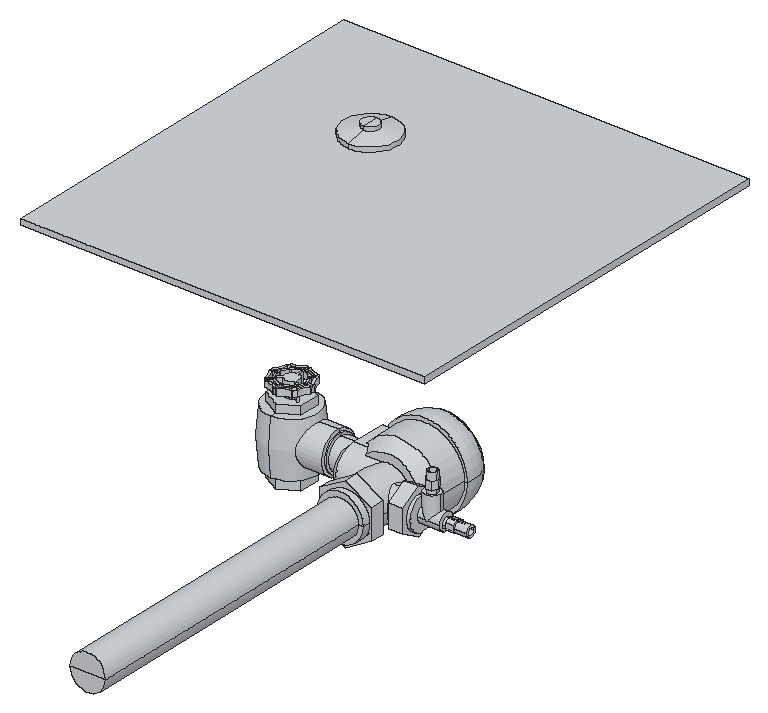
Revit family "WH2898-ADA-EG10-1.28", category Plumbing Fixtures, host Face, Revit 2016
Family settings
  Host = Face
  Part Type = Normal
  Round Connector Dimension = Use Diameter
  OmniClass Number = 23.45.05.21
  OmniClass Title = Plumbing Fixtures - Sanitary Disposal Units
  Cut with Voids When Loaded = No
  Shared = Yes
  Room Calculation Point = No
Parameters (values of type "WH2898-ADA-EG-1.28")
  Waste Connection = no
  WH2898-ADA-EG10-1.28 - Ligature Resistant Flush Valve Cover With 1.28 GPF Hydraulic Flush Valve (White) = yes
  Voltage = 0
  Vent Connection = no
  URL = "https://www.whitehallmfg.com/home"
  Type Comments = ""
  Tempered Water Connection = no
  Revised Date = "10/01/19"
  Phone # = "(800) 782-7706"
  Model = "WH2898-ADA-EG10-1.28"
  Material = Type 304 Stainless Steel
  Manufacturer = "Whitehall"
  HW Connection = yes
  Designed By = "ACORN DESIGN BIM TEAM"
  Description = "Ligature Resistant Flush Valve Cover With 1.28 GPF Hydraulic Flush Valve (White)"
  Default Elevation = 36"
  CW Connection = yes
  Assembly Code = ""
  Amperage = 0
Reference planes (in)
  plane 1 "Center (Front/Back)": y = 0
  plane 2: z = 0
  plane 3 "Center (Left/Right)": x = 0
  plane 4 "FV BEHIND WALL": z = -10.75
  plane 5: x = 8.5
  plane 6: y = 8.5
  plane 7: y = -8.5
  plane 8: x = -8.5
  plane 9: y = -2
  plane 10 "PB ESCUTCHEON": x = -3
  plane 11: y = 3.02628
Forms (in)
  Extrusion 1, solid
    sketch origin (1, -1.5, 0.87846) x (-1, 0, 0) y (0, -1, 0)
      loop
        line (9.5, -10) -> (9.5, 7) -> (-7.5, 7) -> (-7.5, -10) -> (9.5, -10)
    from -0.87846 to -0.62846
  Extrusion 2, void
    sketch origin (0, 0, 0.87846) x (-1, 0, 0) y (0, -1, 0)
      loop
        circle (3, -3) r 0.5
    from -0.87846 to -0.62846
  Extrusion 3, void
    sketch origin (-0.06005, 0.13811, 0.87846) x (-1, 0, 0) y (0, -1, 0)
      loop
        line (6.93995, -6.86189) -> (6.93995, 7.13811) -> (-7.06005, 7.13811) -> (-7.06005, -6.86189) -> (6.93995, -6.86189)
    from -10.58512 to -0.87846
  Revolve 4, solid
    sketch origin (-3, -1.56603, 0) x (0, -1, 0) y (0, 0, 1)
      loop
        line (-4.59231, 0.25) -> (-3.46273, 0.25) -> (-3.46273, 0.4385) -> (-4.24245, 0.61077) -> (-4.24245, 0.75) -> (-4.59231, 0.75) -> (-4.59231, 0.25)
      axis (-4.59231, 0.25) -> (-4.59231, 0.75)
    angle from 0 to 360
Cuts and joins
  Extrusion 2 cuts Extrusion 1
Dimensions and locks (in)
  plane 4 "FV BEHIND WALL" to plane 2 = 10 3/4"
  plane 3 "Center (Left/Right)" to plane 5 = 8 1/2"
  equal spacing: plane 6, plane 1 "Center (Front/Back)", plane 7
  plane 3 "Center (Left/Right)" to host face = 8 1/2"
  equal spacing: plane 8, plane 3 "Center (Left/Right)", plane 5
  plane 8 to plane 5 = 17"
  plane 6 to plane 7 = 17"
  equal spacing: Extrusion 1, Extrusion 2 sketch curve, Extrusion 2 sketch curve
  Extrusion 1 to Extrusion 2 sketch curve = 5 1/2"
  plane 11 to cut or joined group of Extrusion 1, Extrusion 2 = 11.52628"
  aligned and locked: plane 2 to host face
  aligned and locked: level to host face
  aligned and locked: plane 6 to host face
  aligned and locked: plane 5 to Extrusion 1
  aligned and locked: plane 7 to Extrusion 1
  aligned and locked: nested 1 to plane 4 "FV BEHIND WALL"
Automatic sketch dimensions
  host sketch curve to host sketch curve = 17"  (x2)
  plane 5 to Extrusion 1 sketch curve = 0"
  plane 6 to Extrusion 1 sketch curve = 0"
  plane 7 to Extrusion 1 sketch curve = 0"
  Extrusion 1 sketch curve to plane 3 "Center (Left/Right)" = 8 1/2"
  plane 8 to Extrusion 2 sketch curve = 5 1/2"
  Extrusion 3 sketch curve to plane 5 = 1 1/2"
  plane 8 to Extrusion 3 sketch curve = 1 1/2"
  Extrusion 3 sketch curve to plane 6 = 1 1/2"
  Extrusion 3 sketch curve to plane 7 = 1 1/2"
  level to Revolve 4 sketch curve = 1/4"
  Revolve 4 sketch curve to plane 1 "Center (Front/Back)" = 3.02628"
  Revolve 4 sketch curve to Revolve 4 sketch curve = 0.34986"
  Revolve 4 sketch curve to Revolve 4 sketch curve = 0.77972"
  Revolve 4 sketch curve to Revolve 4 sketch curve = 0.1885"
  Revolve 4 sketch curve to Revolve 4 sketch curve = 0.36077"
  Revolve 4 sketch curve to Revolve 4 sketch curve = 0.13923"
  Revolve 4 sketch curve to Revolve 4 sketch curve = 0"  (x2)
  Revolve 4 sketch curve to Revolve 4 sketch curve = 0.6578"
  radius of Extrusion 2 sketch curve = 1/2"
Nested families (in)
  nested 1: "2954-914-000 sloan flush valve" at (0, -2.3013, -10.75) x (-1, 0, 0) z (0, 1, 0), type "SLOAN FV 2954-914-000"
Connectors (in)
  piping at (-4.75, 1.0775, -12.44205), diameter 1.5
    settings: on nested 1, index 1, connector inside diameter 24", connector length 0", flow factor 0, pipe flow 0 GPM, pressure drop 0.00 psi, fitting loss kfactor 0, connector angle 0.00°, fixture units 0, engagement length 0", angle of deflection 0.00°, flow configuration 0, flow direction 1, fitting loss method 0, system type 7, joint type 0, gender type 0, connector reference index -1, connector utility 0, adjustable connector no, is connector primary yes, connector description "1-1/2\"NPT Female Threaded Connection"
Definition of nested family "2954-914-000 sloan flush valve"
  Parameters (values of type "SLOAN FV 2954-914-000")
    Waste Connection = no
    SLOAN FV- SLOAN ROYAL 9603-1.28 HYD 1.28GPF FV 13" = yes
    Voltage = 0
    Vent Connection = no
    URL = "https://www.acorneng.com"
    Type Comments = ""
    Tempered Water Connection = no
    Revised Date = "10/03/19"
    Phone # = "(800) 488-8999"
    Model = "Sloan Flush Valve"
    Material = none
    Manufacturer = "Acorn Engineering"
    HW Connection = no
    Designed By = "ACORN DESIGN BIM TEAM"
    Description = "SLOAN ROYAL 9603-1.28 HYD 1.28GPF FV 13\""
    Default Elevation = 0"
    CW Connection = yes
    Assembly Code = ""
    Amperage = 0
  Reference planes (in)
    plane 1 "Center (Front/Back)": y = 0
    plane 2: z = 0
    plane 3 "Center (Left/Right)": x = 0
    plane 4: z = 12.5
    plane 5: x = -4.5
    plane 6: x = 4.5
    plane 7: y = 2
    plane 8: y = -2
    plane 9: y = 1.5
    plane 10: y = -1.5
    plane 11 "HYD VALVE INLET": z = 3.3788
    plane 12: z = 2.07626
    plane 13 "top side out": z = 4.3288
    plane 14 "HYD VALVE INLET SIDE": x = 4.75
    plane 15 "WHEEL HANDLE": y = 2.12257
    plane 16 "HYDRLC LINES FACE": x = -1.929
    plane 17 "HYDRLC LINES FRONT": y = 0.95666
  Forms (in)
    Extrusion 1, solid
      sketch origin (0, 0, 0) x (1, 0, 0) y (0, 1, 0)
        loop
          line (-4.5, 2) -> (-4.5, -2) -> (4.5, -2) -> (4.5, 2) -> (-4.5, 2)
      from 0 to -1.11995
    Revolve 2, solid
      sketch origin (0, 0, 0) x (1, 0, 0) y (0, 0, 1)
        loop
          line (0, -13.27562) -> (0.74824, -13.27562) -> (0.74824, 0) -> (0.96626, 0) -> (0.96626, 2.48327) -> (1.32316, 2.48327) -> (1.66547, 3.07616) -> (1.66547, 4.4188) -> (1.8258, 4.4188)
          arc (1.8258, 4.4188) -> (1.81225, 4.93623) -> (1.66524, 5.43253) r 1.98278
          arc (1.66524, 5.43253) -> (1.57428, 5.53902) -> (1.44, 5.5788) r 0.24656
          line (1.44, 5.5788) -> (0, 5.5788) -> (0, -13.27562)
        axis (0, -13.27562) -> (0, 5.5788)
      angle from 0 to 360
    Extrusion 3, solid
      sketch origin (0, 0, 3.3788) x (-1, 0, 0) y (0, -1, 0)
        loop
          line (-1.09249, 0) -> (-0.54624, -0.94612) -> (0.54624, -0.94612) -> (1.09249, 0) -> (0.54624, 0.94612) -> (-0.54624, 0.94612) -> (-1.09249, 0)
      from 2.2 to 2.45125
    Extrusion 4, solid
      sketch origin (0, 0, 0) x (0, 1, 0) y (0, 0, 1)
        loop
          line (-1, 4.3288) -> (-1, 2.8288)
          arc (-1, 2.8288) -> (0, 1.8288) -> (1, 2.8288) r 1
          line (1, 2.8288) -> (1, 4.3288) -> (-1, 4.3288)
      from 0 to 2
    Sweep 5, void
      path in 3D
        loop
          line (2, -1, 4.3288) -> (2, -1, 2.8288)
          arc (2, -1, 2.8288) -> (2, 0, 1.8288) -> (2, 1, 2.8288) r 1
          line (2, 1, 2.8288) -> (2, 1, 4.3288)
      profile origin (2, 1, 3.5788) x (0, -1, 0) y (1, 0, 0)
        loop
          line (0, 0) -> (0, -0.3056) -> (0.3056, 0) -> (0, 0)
    Revolve 6, solid
      sketch origin (0, 0, 3.3788) x (-1, 0, 0) y (0, -1, 0)
        loop
          line (-1.5, 0) -> (-1.5, 0.65541) -> (-2.7, 0.65541) -> (-2.7, 0.75358) -> (-2.79, 0.75358) -> (-2.79, 0.86949) -> (-4.75, 0.86949) -> (-4.75, 0) -> (-1.5, 0)
        axis (-1.5, 0) -> (-4.75, 0)
      angle from 0 to 360
    Revolve 7, solid
      sketch origin (4.75, 0, 0) x (0, -1, 0) y (0, 0, 1)
        loop
          line (-1.40601, 3.3788) -> (1.61073, 3.3788) -> (1.61073, 3.77289) -> (1.15713, 3.77289) -> (1.15713, 4.47484)
          arc (1.15713, 4.47484) -> (0.00056, 4.57) -> (-1.15601, 4.47484) r 7.07601
          line (-1.15601, 4.47484) -> (-1.15601, 3.8788) -> (-1.40601, 3.8788) -> (-1.40601, 3.3788)
        axis (-1.40601, 3.3788) -> (1.61073, 3.3788)
      angle from 0 to 360
    Extrusion 8, solid
      sketch origin (0, 0, 0) x (1, 0, 0) y (0, 0, 1)
        loop
          line (5.49, 2.95156) -> (5.49, 3.80604) -> (4.75, 4.23328) -> (4.01, 3.80604) -> (4.01, 2.95156) -> (4.75, 2.52432) -> (5.49, 2.95156)
      from -1.5 to 1.69205
    Extrusion 9, void
      sketch origin (0, 0, 0) x (1, 0, 0) y (0, 0, 1)
        loop
          circle (4.75, 3.3788) r 0.625
      from 0.21868 to 1.69205
    Extrusion 10, solid
      sketch origin (0, 2.12257, 0) x (0, 0, 1) y (-1, 0, 0)
        loop
          line (3.92534, -4.79483) -> (3.92534, -4.70454) -> (3.67534, -4.70454)
          arc (3.67534, -4.70454) -> (3.5281, -4.4914) -> (3.2699, -4.47046) r 0.30237
          line (3.2699, -4.47046) -> (3.1449, -4.25396) -> (3.06617, -4.29942) -> (3.19117, -4.51592)
          arc (3.19117, -4.51592) -> (3.08117, -4.75) -> (3.19117, -4.98408) r 0.30406
          line (3.19117, -4.98408) -> (3.06617, -5.20058) -> (3.1449, -5.24604) -> (3.2699, -5.02954)
          arc (3.2699, -5.02954) -> (3.53171, -5.0136) -> (3.67642, -4.79483) r 0.29376
          line (3.67642, -4.79483) -> (3.92534, -4.79483)
      from 0 to 1.17275
    Extrusion 11, solid
      sketch origin (0, 2.12257, 0) x (0, 0, 1) y (-1, 0, 0)
        loop
          line (3.92534, -4.70454) -> (3.92534, -4.79483) -> (4.26186, -4.80051) -> (4.26186, -4.64932)
          arc (4.26186, -4.64932) -> (4.12894, -4.43442) -> (4.07053, -4.18858) r 0.79132
          line (4.07053, -4.18858) -> (3.96739, -4.08543) -> (3.72366, -4.32916) -> (3.79441, -4.3999) -> (3.97623, -4.21808)
          arc (3.97623, -4.21808) -> (4.0408, -4.47563) -> (4.17534, -4.70454) r 0.93266
          line (4.17534, -4.70454) -> (3.92534, -4.70454)
      from 0 to 0.25
    Extrusion 12, solid
      sketch origin (3.77646, 2.12257, -2.36846) x (-0.706619, 0, 0.707594) y (-0.707594, 0, -0.706619)
        loop
          line (3.92534, -4.70454) -> (3.92534, -4.79483) -> (4.26186, -4.80051) -> (4.26186, -4.64932)
          arc (4.26186, -4.64932) -> (4.12894, -4.43442) -> (4.07053, -4.18858) r 0.79132
          line (4.07053, -4.18858) -> (3.96739, -4.08543) -> (3.72366, -4.32916) -> (3.79441, -4.3999) -> (3.97623, -4.21808)
          arc (3.97623, -4.21808) -> (4.0408, -4.47563) -> (4.17534, -4.70454) r 0.93266
          line (4.17534, -4.70454) -> (3.92534, -4.70454)
      from 0 to 0.25
    Extrusion 13, solid
      sketch origin (8.12225, 2.12257, -1.37585) x (-0.999999, 0, 0.001378) y (-0.001378, 0, -0.999999)
        loop
          line (3.92534, -4.70454) -> (3.92534, -4.79483) -> (4.26186, -4.80051) -> (4.26186, -4.64932)
          arc (4.26186, -4.64932) -> (4.12894, -4.43442) -> (4.07053, -4.18858) r 0.79132
          line (4.07053, -4.18858) -> (3.96739, -4.08543) -> (3.72366, -4.32916) -> (3.79441, -4.3999) -> (3.97623, -4.21808)
          arc (3.97623, -4.21808) -> (4.0408, -4.47563) -> (4.17534, -4.70454) r 0.93266
          line (4.17534, -4.70454) -> (3.92534, -4.70454)
      from 0 to 0.25
    Extrusion 14, solid
      sketch origin (10.49591, 2.12257, 2.39734) x (-0.708567, 0, -0.705644) y (0.705644, 0, -0.708567)
        loop
          line (3.92534, -4.70454) -> (3.92534, -4.79483) -> (4.26186, -4.80051) -> (4.26186, -4.64932)
          arc (4.26186, -4.64932) -> (4.12894, -4.43442) -> (4.07053, -4.18858) r 0.79132
          line (4.07053, -4.18858) -> (3.96739, -4.08543) -> (3.72366, -4.32916) -> (3.79441, -4.3999) -> (3.97623, -4.21808)
          arc (3.97623, -4.21808) -> (4.0408, -4.47563) -> (4.17534, -4.70454) r 0.93266
          line (4.17534, -4.70454) -> (3.92534, -4.70454)
      from 0 to 0.25
    Extrusion 15, solid
      sketch origin (9.50929, 2.12257, 6.7445) x (-0.002756, 0, -0.999996) y (0.999996, 0, -0.002756)
        loop
          line (3.92534, -4.70454) -> (3.92534, -4.79483) -> (4.26186, -4.80051) -> (4.26186, -4.64932)
          arc (4.26186, -4.64932) -> (4.12894, -4.43442) -> (4.07053, -4.18858) r 0.79132
          line (4.07053, -4.18858) -> (3.96739, -4.08543) -> (3.72366, -4.32916) -> (3.79441, -4.3999) -> (3.97623, -4.21808)
          arc (3.97623, -4.21808) -> (4.0408, -4.47563) -> (4.17534, -4.70454) r 0.93266
          line (4.17534, -4.70454) -> (3.92534, -4.70454)
      from 0 to 0.25
    Extrusion 16, solid
      sketch origin (5.73938, 2.12257, 9.12336) x (0.704667, 0, -0.709538) y (0.709538, 0, 0.704667)
        loop
          line (3.92534, -4.70454) -> (3.92534, -4.79483) -> (4.26186, -4.80051) -> (4.26186, -4.64932)
          arc (4.26186, -4.64932) -> (4.12894, -4.43442) -> (4.07053, -4.18858) r 0.79132
          line (4.07053, -4.18858) -> (3.96739, -4.08543) -> (3.72366, -4.32916) -> (3.79441, -4.3999) -> (3.97623, -4.21808)
          arc (3.97623, -4.21808) -> (4.0408, -4.47563) -> (4.17534, -4.70454) r 0.93266
          line (4.17534, -4.70454) -> (3.92534, -4.70454)
      from 0 to 0.25
    Extrusion 17, solid
      sketch origin (1.39086, 2.12257, 8.14273) x (0.999991, 0, -0.004134) y (0.004134, 0, 0.999991)
        loop
          line (3.92534, -4.70454) -> (3.92534, -4.79483) -> (4.26186, -4.80051) -> (4.26186, -4.64932)
          arc (4.26186, -4.64932) -> (4.12894, -4.43442) -> (4.07053, -4.18858) r 0.79132
          line (4.07053, -4.18858) -> (3.96739, -4.08543) -> (3.72366, -4.32916) -> (3.79441, -4.3999) -> (3.97623, -4.21808)
          arc (3.97623, -4.21808) -> (4.0408, -4.47563) -> (4.17534, -4.70454) r 0.93266
          line (4.17534, -4.70454) -> (3.92534, -4.70454)
      from 0 to 0.25
    Extrusion 18, solid
      sketch origin (-0.99319, 2.12257, 4.37609) x (0.710509, 0, 0.703689) y (-0.703689, 0, 0.710509)
        loop
          line (3.92534, -4.70454) -> (3.92534, -4.79483) -> (4.26186, -4.80051) -> (4.26186, -4.64932)
          arc (4.26186, -4.64932) -> (4.12894, -4.43442) -> (4.07053, -4.18858) r 0.79132
          line (4.07053, -4.18858) -> (3.96739, -4.08543) -> (3.72366, -4.32916) -> (3.79441, -4.3999) -> (3.97623, -4.21808)
          arc (3.97623, -4.21808) -> (4.0408, -4.47563) -> (4.17534, -4.70454) r 0.93266
          line (4.17534, -4.70454) -> (3.92534, -4.70454)
      from 0 to 0.25
    Extrusion 19, solid
      sketch origin (0, 2.12257, 0) x (0, 0, 1) y (-1, 0, 0)
        loop
          circle (3.3788, -4.75) r 0.63026
        loop
          circle (3.3788, -4.75) r 0.5441
      from 0 to 0.25
    Extrusion 20, solid
      sketch origin (0, 0, 0) x (0, 1, 0) y (0, 0, 1)
        loop
          circle (-0.00045, 1.93346) r 0.688
      from -1.929 to 0
    Extrusion 21, solid
      sketch origin (0, 0, 0) x (0, 1, 0) y (0, 0, 1)
        loop
          line (-0.95666, 1.94633) -> (-0.49279, 1.10948) -> (0.46387, 1.09278) -> (0.95666, 1.91293) -> (0.49279, 2.74977) -> (-0.46387, 2.76647) -> (-0.95666, 1.94633)
      from -1.75 to -1.15
    Extrusion 22, solid
      sketch origin (0, 0, 3.3788) x (-1, 0, 0) y (0, -1, 0)
        loop
          line (-1.09249, -0.63075) -> (0, -1.26149) -> (1.09249, -0.63075) -> (1.09249, 0.63075) -> (0, 1.26149) -> (-1.09249, 0.63075) -> (-1.09249, -0.63075)
      from -3.0775 to -2.5175
    Extrusion 23, solid
      sketch origin (-1.929, 0, 0) x (0, 0, -1) y (0, -1, 0)
        loop
          circle (-1.94489, 0) r 0.3473
      from 0 to 0.96
    Extrusion 24, solid
      sketch origin (-1.929, 0, 0) x (0, 0, -1) y (0, -1, 0)
        loop
          line (-1.92579, 0.27678) -> (-2.16549, 0.13839) -> (-2.16549, -0.13839) -> (-1.92579, -0.27678) -> (-1.68609, -0.13839) -> (-1.68609, 0.13839) -> (-1.92579, 0.27678)
      from 1.14 to 1.46563
    Extrusion 25, solid
      sketch origin (-1.929, 0, 0) x (0, 0, -1) y (0, -1, 0)
        loop
          circle (-1.93775, 0) r 0.22077
        loop
          circle (-1.93775, 0) r 0.16483
      from 0.96 to 2
    Extrusion 26, solid
      sketch origin (0, 0.95666, 0) x (1, 0, 0) y (0, 0, 1)
        loop
          circle (-2.32063, 1.93422) r 0.34036
      from 0 to 0.95684
    Extrusion 27, solid
      sketch origin (0, 0.95666, 0) x (1, 0, 0) y (0, 0, 1)
        loop
          line (-2.17468, 2.14599) -> (-2.42649, 2.16803) -> (-2.57148, 1.96097) -> (-2.46465, 1.73188) -> (-2.21284, 1.70985) -> (-2.06786, 1.9169) -> (-2.17468, 2.14599)
      from -0.16716 to -0.49278
    Extrusion 28, solid
      sketch origin (0, 0.95666, 0) x (1, 0, 0) y (0, 0, 1)
        loop
          circle (-2.32099, 1.93323) r 0.2
        loop
          circle (-2.32099, 1.93323) r 0.16469
      from 0 to -0.79278
  Cuts and joins
    Sweep 5, Extrusion 9 cuts Extrusion 4
    Extrusion 9 cuts Revolve 6
    Extrusion 9 cuts Revolve 7
    Extrusion 9 cuts Extrusion 8
    joined: Extrusion 4, Revolve 6, Revolve 7, Extrusion 8
    joined: Revolve 2, Extrusion 3
  Lines and regions (in)
    model lines
      curve 1: line (1.6944, 1, 4.3288) -> (2, 0.6944, 4.3288)
    sketch lines
      curve 2: line (2, 1, 2.8288) -> (2, 1, 4.3288)
      curve 3: arc (2, 1, 2.8288) -> (2, 0, 1.8288) -> (2, -1, 2.8288) r 1
      curve 4: line (2, -1, 4.3288) -> (2, -1, 2.8288)
  Dimensions and locks (in)
    plane 2 to plane 4 = 12 1/2"
    equal spacing: plane 5, plane 3 "Center (Left/Right)", plane 6
    equal spacing: plane 7, plane 1 "Center (Front/Back)", plane 8
    equal spacing: plane 9, plane 1 "Center (Front/Back)", plane 10
    plane 3 "Center (Left/Right)" to Extrusion 1 = 4 1/2"
    level to cut or joined group of Revolve 2, Extrusion 3 = 13.27562"
    aligned and locked: plane 2 to Extrusion 1
    aligned and locked: level to Extrusion 1
    aligned and locked: plane 7 to Extrusion 1
    aligned and locked: plane 6 to Extrusion 1
  Automatic sketch dimensions
    Extrusion 1 sketch curve to Extrusion 1 sketch curve = 9"
    Extrusion 1 sketch curve to Extrusion 1 sketch curve = 4"
    Revolve 2 sketch curve to plane 3 "Center (Left/Right)" = 0"  (x2)
    Revolve 2 sketch curve to level = 0"
    Revolve 2 sketch curve to plane 3 "Center (Left/Right)" = 0.14612"
    plane 3 "Center (Left/Right)" to Revolve 2 sketch curve = 0.74824"
    plane 12 to Revolve 2 sketch curve = 0.40701"
    plane 3 "Center (Left/Right)" to Revolve 2 sketch curve = 0.96626"
    Revolve 2 sketch curve to Revolve 2 sketch curve = 0.3569"
    plane 3 "Center (Left/Right)" to Revolve 2 sketch curve = 1.44"
    Revolve 2 sketch curve to Revolve 2 sketch curve = 0.22547"
    Revolve 2 sketch curve to Revolve 2 sketch curve = 0.16033"
    Revolve 2 sketch curve to level = 13.27562"
    Revolve 2 sketch curve to Revolve 2 sketch curve = 0.59289"
    Revolve 2 sketch curve to Revolve 2 sketch curve = 1.34264"
    Revolve 2 sketch curve to Revolve 2 sketch curve = 0.20726"
    Revolve 2 sketch curve to Revolve 2 sketch curve = 0.91344"
    Revolve 2 sketch curve to Revolve 2 sketch curve = 0.24656"
    Revolve 2 sketch curve to Revolve 2 sketch curve = 0"
    Revolve 2 sketch curve to Revolve 2 sketch curve = 1.08387"
    Extrusion 4 sketch curve to plane 1 "Center (Front/Back)" = 0"
    plane 9 to Extrusion 4 sketch curve = 1/2"
    plane 12 to Extrusion 4 sketch curve = 0.75255"
    Extrusion 4 sketch curve to Extrusion 4 sketch curve = 1 1/2"
    Sweep 5 sketch curve to profile plane = 0"  (x2)
    Sweep 5 sketch curve to profile plane = 0.3056"
    Sweep 5 sketch curve to Sweep 5 sketch curve = 0.3056"
    plane 9 to curve 1 = 1/2"
    curve 1 to curve 1 = 0.3056"  (x2)
    plane 3 "Center (Left/Right)" to curve 1 = 1.6944"
    plane 1 "Center (Front/Back)" to Revolve 6 sketch curve = 0"  (x2)
    Revolve 6 sketch curve to plane 14 "HYD VALVE INLET SIDE" = 0"  (x2)
    Revolve 6 sketch curve to plane 10 = 0.63051"
    Revolve 6 sketch curve to plane 6 = 1.71"
    Revolve 6 sketch curve to Revolve 6 sketch curve = 0.09"
    Revolve 6 sketch curve to Revolve 6 sketch curve = 1.2"
    plane 1 "Center (Front/Back)" to Revolve 6 sketch curve = 0.65541"
    Revolve 6 sketch curve to Revolve 6 sketch curve = 0.09818"
    Revolve 6 sketch curve to Revolve 6 sketch curve = 1.56933"
    Revolve 7 sketch curve to plane 11 "HYD VALVE INLET" = 0"  (x2)
    plane 9 to Revolve 7 sketch curve = 0.09399"
    Revolve 7 sketch curve to Revolve 7 sketch curve = 1/4"
    plane 1 "Center (Front/Back)" to Revolve 7 sketch curve = 0.00056"
    Revolve 7 sketch curve to plane 10 = 0.34287"
    plane 10 to Revolve 7 sketch curve = 0.11073"
    Revolve 7 sketch curve to level = 2.506"
    plane 11 "HYD VALVE INLET" to Revolve 7 sketch curve = 0.39409"
    plane 13 "top side out" to Revolve 7 sketch curve = 0.45"
    Revolve 7 sketch curve to Revolve 7 sketch curve = 0.03954"
    plane 8 to Revolve 7 sketch curve = 1.15026"
    Revolve 7 sketch curve to plane 13 "top side out" = 0.14604"
    Extrusion 9 sketch curve to plane 11 "HYD VALVE INLET" = 0"
    plane 14 "HYD VALVE INLET SIDE" to Extrusion 9 sketch curve = 0"
    plane 14 "HYD VALVE INLET SIDE" to Extrusion 10 sketch curve = 0"
    Extrusion 10 sketch curve to plane 11 "HYD VALVE INLET" = 0.31264"  (x2)
    Extrusion 10 sketch curve to Extrusion 10 sketch curve = 0.07874"  (x4)
    Extrusion 10 sketch curve to plane 11 "HYD VALVE INLET" = 0.18764"  (x2)
    plane 6 to Extrusion 10 sketch curve = 0.01592"
    Extrusion 10 sketch curve to plane 6 = 0.02954"
    Extrusion 10 sketch curve to plane 11 "HYD VALVE INLET" = 0.00189"
    plane 11 "HYD VALVE INLET" to Extrusion 10 sketch curve = 0.00603"
    plane 11 "HYD VALVE INLET" to Extrusion 10 sketch curve = 0.00643"
    plane 14 "HYD VALVE INLET SIDE" to Extrusion 10 sketch curve = 0.04546"
    Extrusion 10 sketch curve to Extrusion 10 sketch curve = 0.2901"
    Extrusion 10 sketch curve to Extrusion 10 sketch curve = 1/4"
    Extrusion 10 sketch curve to Extrusion 10 sketch curve = 0.04546"
    Extrusion 10 sketch curve to plane 14 "HYD VALVE INLET SIDE" = 0.00919"
    Extrusion 10 sketch curve to plane 14 "HYD VALVE INLET SIDE" = 0.04483"
    Extrusion 11 sketch curve to Extrusion 11 sketch curve = 0.07075"  (x2)
    Extrusion 11 sketch curve to Extrusion 11 sketch curve = 0.13093"
    Extrusion 11 sketch curve to Extrusion 11 sketch curve = 0.24372"
    Extrusion 11 sketch curve to Extrusion 11 sketch curve = 0.00884"
    Extrusion 11 sketch curve to Extrusion 11 sketch curve = 0.04422"
    Extrusion 11 sketch curve to Extrusion 11 sketch curve = 0.0086"
    Extrusion 11 sketch curve to Extrusion 11 sketch curve = 0.0943"
    Extrusion 11 sketch curve to Extrusion 11 sketch curve = 1/4"
    Extrusion 11 sketch curve to Extrusion 11 sketch curve = 0.08652"
    Extrusion 11 sketch curve to Extrusion 11 sketch curve = 0.78921"
    Extrusion 11 sketch curve to Extrusion 11 sketch curve = 0.00567"
    Extrusion 11 sketch curve to Extrusion 11 sketch curve = 0.09029"
    Extrusion 11 sketch curve to Extrusion 11 sketch curve = 0.05522"
    Extrusion 12 sketch curve to Extrusion 12 sketch curve = 0.07075"  (x2)
    Extrusion 12 sketch curve to Extrusion 12 sketch curve = 0.13093"
    Extrusion 12 sketch curve to Extrusion 12 sketch curve = 0.24372"
    Extrusion 12 sketch curve to Extrusion 12 sketch curve = 0.00884"
    Extrusion 12 sketch curve to Extrusion 12 sketch curve = 0.04422"
    Extrusion 12 sketch curve to Extrusion 12 sketch curve = 0.0086"
    Extrusion 12 sketch curve to Extrusion 12 sketch curve = 0.0943"
    Extrusion 12 sketch curve to Extrusion 12 sketch curve = 1/4"
    Extrusion 12 sketch curve to Extrusion 12 sketch curve = 0.08652"
    Extrusion 12 sketch curve to Extrusion 12 sketch curve = 0.78921"
    Extrusion 12 sketch curve to Extrusion 12 sketch curve = 0.00567"
    Extrusion 12 sketch curve to Extrusion 12 sketch curve = 0.09029"
    Extrusion 12 sketch curve to Extrusion 12 sketch curve = 0.05522"
    Extrusion 13 sketch curve to Extrusion 13 sketch curve = 0.07075"  (x2)
    Extrusion 13 sketch curve to Extrusion 13 sketch curve = 0.13093"
    Extrusion 13 sketch curve to Extrusion 13 sketch curve = 0.24372"
    Extrusion 13 sketch curve to Extrusion 13 sketch curve = 0.00884"
    Extrusion 13 sketch curve to Extrusion 13 sketch curve = 0.04422"
    Extrusion 13 sketch curve to Extrusion 13 sketch curve = 0.0086"
    Extrusion 13 sketch curve to Extrusion 13 sketch curve = 0.0943"
    Extrusion 13 sketch curve to Extrusion 13 sketch curve = 1/4"
    Extrusion 13 sketch curve to Extrusion 13 sketch curve = 0.08652"
    Extrusion 13 sketch curve to Extrusion 13 sketch curve = 0.78921"
    Extrusion 13 sketch curve to Extrusion 13 sketch curve = 0.00567"
    Extrusion 13 sketch curve to Extrusion 13 sketch curve = 0.09029"
    Extrusion 13 sketch curve to Extrusion 13 sketch curve = 0.05522"
    Extrusion 14 sketch curve to Extrusion 14 sketch curve = 0.07075"  (x2)
    Extrusion 14 sketch curve to Extrusion 14 sketch curve = 0.13093"
    Extrusion 14 sketch curve to Extrusion 14 sketch curve = 0.24372"
    Extrusion 14 sketch curve to Extrusion 14 sketch curve = 0.00884"
    Extrusion 14 sketch curve to Extrusion 14 sketch curve = 0.04422"
    Extrusion 14 sketch curve to Extrusion 14 sketch curve = 0.0086"
    Extrusion 14 sketch curve to Extrusion 14 sketch curve = 0.0943"
    Extrusion 14 sketch curve to Extrusion 14 sketch curve = 1/4"
    Extrusion 14 sketch curve to Extrusion 14 sketch curve = 0.08652"
    Extrusion 14 sketch curve to Extrusion 14 sketch curve = 0.78921"
    Extrusion 14 sketch curve to Extrusion 14 sketch curve = 0.00567"
    Extrusion 14 sketch curve to Extrusion 14 sketch curve = 0.09029"
    Extrusion 14 sketch curve to Extrusion 14 sketch curve = 0.05522"
    Extrusion 15 sketch curve to Extrusion 15 sketch curve = 0.07075"  (x2)
    Extrusion 15 sketch curve to Extrusion 15 sketch curve = 0.13093"
    Extrusion 15 sketch curve to Extrusion 15 sketch curve = 0.24372"
    Extrusion 15 sketch curve to Extrusion 15 sketch curve = 0.00884"
    Extrusion 15 sketch curve to Extrusion 15 sketch curve = 0.04422"
    Extrusion 15 sketch curve to Extrusion 15 sketch curve = 0.0086"
    Extrusion 15 sketch curve to Extrusion 15 sketch curve = 0.0943"
    Extrusion 15 sketch curve to Extrusion 15 sketch curve = 1/4"
    Extrusion 15 sketch curve to Extrusion 15 sketch curve = 0.08652"
    Extrusion 15 sketch curve to Extrusion 15 sketch curve = 0.78921"
    Extrusion 15 sketch curve to Extrusion 15 sketch curve = 0.00567"
    Extrusion 15 sketch curve to Extrusion 15 sketch curve = 0.09029"
    Extrusion 15 sketch curve to Extrusion 15 sketch curve = 0.05522"
    Extrusion 16 sketch curve to Extrusion 16 sketch curve = 0.07075"  (x2)
    Extrusion 16 sketch curve to Extrusion 16 sketch curve = 0.13093"
    Extrusion 16 sketch curve to Extrusion 16 sketch curve = 0.24372"
    Extrusion 16 sketch curve to Extrusion 16 sketch curve = 0.00884"
    Extrusion 16 sketch curve to Extrusion 16 sketch curve = 0.04422"
    Extrusion 16 sketch curve to Extrusion 16 sketch curve = 0.0086"
    Extrusion 16 sketch curve to Extrusion 16 sketch curve = 0.0943"
    Extrusion 16 sketch curve to Extrusion 16 sketch curve = 1/4"
    Extrusion 16 sketch curve to Extrusion 16 sketch curve = 0.08652"
    Extrusion 16 sketch curve to Extrusion 16 sketch curve = 0.78921"
    Extrusion 16 sketch curve to Extrusion 16 sketch curve = 0.00567"
    Extrusion 16 sketch curve to Extrusion 16 sketch curve = 0.09029"
    Extrusion 16 sketch curve to Extrusion 16 sketch curve = 0.05522"
    Extrusion 17 sketch curve to Extrusion 17 sketch curve = 0.07075"  (x2)
    Extrusion 17 sketch curve to Extrusion 17 sketch curve = 0.13093"
    Extrusion 17 sketch curve to Extrusion 17 sketch curve = 0.24372"
    Extrusion 17 sketch curve to Extrusion 17 sketch curve = 0.00884"
    Extrusion 17 sketch curve to Extrusion 17 sketch curve = 0.04422"
    Extrusion 17 sketch curve to Extrusion 17 sketch curve = 0.0086"
    Extrusion 17 sketch curve to Extrusion 17 sketch curve = 0.0943"
    Extrusion 17 sketch curve to Extrusion 17 sketch curve = 1/4"
    Extrusion 17 sketch curve to Extrusion 17 sketch curve = 0.08652"
    Extrusion 17 sketch curve to Extrusion 17 sketch curve = 0.78921"
    Extrusion 17 sketch curve to Extrusion 17 sketch curve = 0.00567"
    Extrusion 17 sketch curve to Extrusion 17 sketch curve = 0.09029"
    Extrusion 17 sketch curve to Extrusion 17 sketch curve = 0.05522"
    Extrusion 18 sketch curve to Extrusion 18 sketch curve = 0.07075"  (x2)
    Extrusion 18 sketch curve to Extrusion 18 sketch curve = 0.13093"
    Extrusion 18 sketch curve to Extrusion 18 sketch curve = 0.24372"
    Extrusion 18 sketch curve to Extrusion 18 sketch curve = 0.00884"
    Extrusion 18 sketch curve to Extrusion 18 sketch curve = 0.04422"
    Extrusion 18 sketch curve to Extrusion 18 sketch curve = 0.0086"
    Extrusion 18 sketch curve to Extrusion 18 sketch curve = 0.0943"
    Extrusion 18 sketch curve to Extrusion 18 sketch curve = 1/4"
    Extrusion 18 sketch curve to Extrusion 18 sketch curve = 0.08652"
    Extrusion 18 sketch curve to Extrusion 18 sketch curve = 0.78921"
    Extrusion 18 sketch curve to Extrusion 18 sketch curve = 0.00567"
    Extrusion 18 sketch curve to Extrusion 18 sketch curve = 0.09029"
    Extrusion 18 sketch curve to Extrusion 18 sketch curve = 0.05522"
    Extrusion 19 sketch curve to Extrusion 19 sketch curve = 0"  (x2)
    Extrusion 19 sketch curve to plane 11 "HYD VALVE INLET" = 0"
    plane 14 "HYD VALVE INLET SIDE" to Extrusion 19 sketch curve = 0"
    plane 1 "Center (Front/Back)" to Extrusion 20 sketch curve = 0.00045"
    Extrusion 20 sketch curve to plane 12 = 0.1428"
    Extrusion 23 sketch curve to plane 1 "Center (Front/Back)" = 0"
    Extrusion 23 sketch curve to plane 12 = 0.13137"
    Extrusion 25 sketch curve to Extrusion 25 sketch curve = 0"  (x2)
    Extrusion 25 sketch curve to plane 1 "Center (Front/Back)" = 0"
    Extrusion 25 sketch curve to plane 12 = 0.13851"
    Extrusion 26 sketch curve to plane 12 = 0.14203"
    plane 16 "HYDRLC LINES FACE" to Extrusion 26 sketch curve = 0.39163"
    Extrusion 28 sketch curve to Extrusion 28 sketch curve = 0"  (x2)
    Extrusion 28 sketch curve to plane 12 = 0.14302"
    plane 16 "HYDRLC LINES FACE" to Extrusion 28 sketch curve = 0.39199"
    radius of Extrusion 9 sketch curve = 5/8"
    radius of Extrusion 19 sketch curve = 0.63026"
    radius of Extrusion 19 sketch curve = 0.5441"
    radius of Extrusion 20 sketch curve = 0.688"
    radius of Extrusion 23 sketch curve = 0.3473"
    radius of Extrusion 25 sketch curve = 0.22077"
    radius of Extrusion 25 sketch curve = 0.16483"
    radius of Extrusion 26 sketch curve = 0.34036"
    radius of Extrusion 28 sketch curve = 0.2"
    radius of Extrusion 28 sketch curve = 0.16469"
